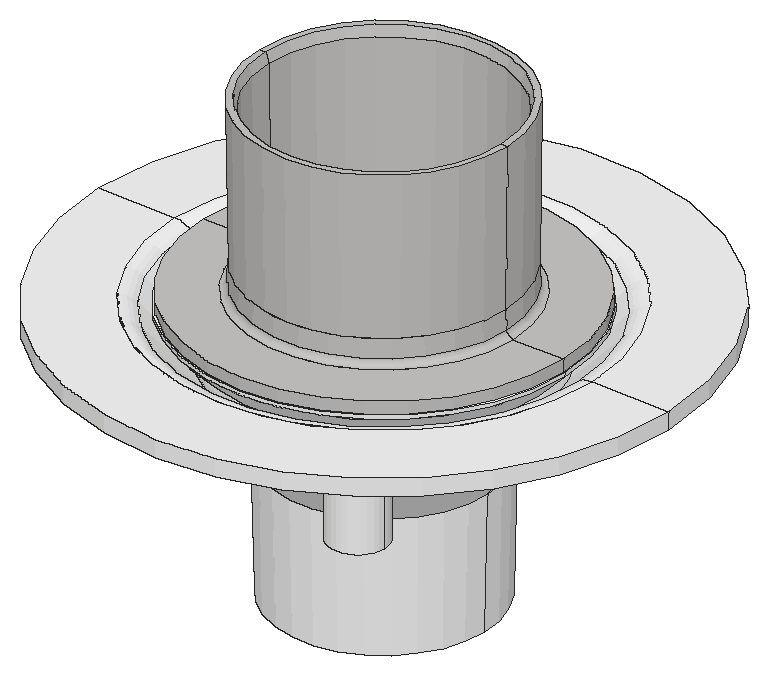
Revit family "3000.109 & 110 DPJ 65x65", category Plumbing Fixtures, Revit 2019
Family settings
  Round Connector Dimension = Use Diameter
  Part Type = Normal
  OmniClass Number = 23.45.00.00
  Work Plane-Based = No
  Always vertical = Yes
  Cut with Voids When Loaded = No
  Shared = No
  Room Calculation Point = No
Parameters (values of type "DPJ 65x65nv")
  Waste Connection = yes
  Vent Connection = no
  V = not(NV)  # no
  URL = "www.aquaknight.co.nz"
  Phone = "+6498322214"  # constant formula
  NV = yes
  Model = "3000.110"
  Manufacturer = "Aquanight Industries Ltd"  # constant formula
  Inlet = 30.5 mm
  HW Connection = no
  Email = "info@aquaknight.co.nz"  # constant formula
  Description = "DownPipe Junction 65x65 non-vented"
  Connector Diameter = 65 mm
  CW Connection = no
Types (2, lengths in mm): name | V | NV | Model | Inlet | Description
  DPJ 65x65v | yes | no | "3000.109" | 25.5 | "DownPipe Junction 65x65 vented"
  DPJ 65x65nv | no | yes | "3000.110" | 30.5 | "DownPipe Junction 65x65 non-vented"
Reference planes
  plane 1 "Center (Front/Back)": y = 0
  plane 2: z = 0
  plane 3 "Center (Left/Right)": x = 0
  plane 4: z = -61.08
  plane 5: z = 30.5
Forms (mm)
  Revolve 1, solid, material "Plastic, Glossy White"
    sketch origin (0, 0, -4) x (1, 0, 0) y (0, 0, 1)
      loop
        line (31.9, -38.121) -> (49.534, -14.536) -> (62.495, -1.576)
        arc (62.495, -1.576) -> (63.133, -1.15) -> (63.885, -1) r 1.966
        line (63.885, -1) -> (87.243, -1) -> (87.243, 4) -> (63.862, 4)
        arc (63.862, 4) -> (61.218, 3.474) -> (58.976, 1.976) r 6.91
        line (58.976, 1.976) -> (45.999, -11) -> (28.793, -34.013)
        arc (28.793, -34.013) -> (27.784, -35.917) -> (27.401, -38.038) r 7
        line (27.401, -38.038) -> (26.499, -76.121) -> (31, -76.121) -> (31.9, -38.121)
      axis (0, 4) -> (0, -76.121)
    angle from 0 to 360
  Extrusion 2, solid, material "Plastic, Glossy White", detail levels fine
    sketch origin (0, 0, -4) x (1, 0, 0) y (0, 1, 0)
      loop
        circle (-41.3, 0) r 8.2
      loop
        circle (20.65, -35.767) r 8.2
      loop
        circle (20.65, 35.767) r 8.2
    from -38.379 to -12.5
  Revolve 3, solid, visible <- "V"
    sketch origin (0, 0, 0) x (1, 0, 0) y (0, 0, 1)
      loop
        line (35.265, 47.895) -> (34.646, 0.577)
        arc (34.646, 0.577) -> (34.512, -0.061) -> (34.149, -0.601) r 1.698
        line (34.149, -0.601) -> (31.114, -3.636) -> (30.815, -7.06) -> (30.901, -8.048) -> (32.712, -8.048) -> (32.712, -9.735) -> (47.015, -9.735) -> (55.547, -1.625) -> (55.547, -0.629) -> (48.5, -0.629) -> (48.5, -4.5) -> (37.713, -4.5) -> (37.316, 5.895) -> (37.905, 50.895) -> (36.111, 50.895) -> (35.265, 47.895)
      axis (0, 50.895) -> (0, -9.735)
    angle from 0 to 360
  Revolve 4, solid, material "Stainless Steel", visible <- "NV"
    sketch origin (0, 0, 0) x (1, 0, 0) y (0, 0, 1)
      loop
        line (-37.905, 55.395) -> (-37.316, 10.395) -> (-37.541, 4.93)
        arc (-37.541, 4.93) -> (-38.15, 3.561) -> (-39.54, 3) r 2
        line (-39.54, 3) -> (-55, 3) -> (-55, -0.474) -> (-49, -0.55) -> (-55.5, -0.55) -> (-55.5, -1.663) -> (-47.451, -9.712) -> (-35.314, -9.712) -> (-35.314, -3.54) -> (-31.114, -3.54) -> (-31.114, 0.864) -> (-34.637, 4.387) -> (-35.265, 52.395) -> (-36.111, 55.395) -> (-37.905, 55.395)
      axis (0, 55.395) -> (0, -9.712)
    angle from 0 to 360
  Extrusion 5, void
    sketch origin (0, 0, 0) x (1, 0, 0) y (0, 1, 0)
      loop
        arc (16.781, 43.348) -> (-23.196, 40.281) -> (-45.923, 7.25) r 46.496
        arc (-45.923, 7.25) -> (-41.564, 8.462) -> (-37.206, 7.242) r 8.421
        arc (-37.206, 7.242) -> (-19.025, 32.784) -> (12.171, 35.898) r 37.905
        arc (12.171, 35.898) -> (13.419, 40.276) -> (16.781, 43.348) r 8.344
      loop
        arc (29.15, -36.206) -> (46.482, -0.052) -> (29.241, 36.145) r 46.496
        arc (29.241, 36.145) -> (28.11, 31.764) -> (24.875, 28.6) r 8.421
        arc (24.875, 28.6) -> (37.905, 0.084) -> (25.003, -28.489) r 37.905
        arc (25.003, -28.489) -> (28.171, -31.76) -> (29.15, -36.206) r 8.344
      loop
        arc (-45.916, -7.162) -> (-23.271, -40.249) -> (16.697, -43.416) r 46.496
        arc (16.697, -43.416) -> (13.468, -40.247) -> (12.346, -35.863) r 8.421
        arc (12.346, -35.863) -> (-18.864, -32.889) -> (-37.159, -7.429) r 37.905
        arc (-37.159, -7.429) -> (-41.575, -8.537) -> (-45.916, -7.162) r 8.344
    from -13.402 to 5.895
Cuts and joins
  Extrusion 5 cuts Revolve 3
Lines and regions (mm)
  Masking region 1
    outline origin (0, 0, 0) x (1, 0, 0) y (0, 1, 0)
      loop
        circle (0, 0) r 87.243
  symbolic lines, style "PlumbingFixtures", detail levels fine
    curve 1: circle (0, 79.784, 0) r 4.5 normal (0, 0, 1)
    curve 2: circle (69.095, -39.892, 0) r 4.5 normal (0, 0, 1)
    curve 3: circle (-69.095, -39.892, 0) r 4.5 normal (0, 0, -1)
  symbolic lines
    curve 4: circle (0, 0, 0) r 32.5 normal (0, 0, 1)
  symbolic lines, visible <- "V"
    curve 5: circle (0, 0, 0) r 36.111 normal (0, 0, 1)
    curve 6: circle (0, 0, 0) r 55.5 normal (0, 0, 1)
Dimensions and locks
  locked: level to plane 4 at 61.08
  locked: connector elem to plane 1 "Center (Front/Back)" at 0
  locked: connector elem to plane 3 "Center (Left/Right)" at 0  (x2)
  locked: Revolve 4 to level at 55.395
  locked: cut or joined group of Revolve 3, Extrusion 5 to plane 2 at 50.895
  "Inlet": plane 5 to level
  Revolve 4 to Revolve 1 = 3 mm
  locked: connector elem to plane 1 "Center (Front/Back)"
  aligned and locked: level to plane 2
  aligned and locked: Revolve 3 sketch curve to plane 3 "Center (Left/Right)"
  aligned and locked: Revolve 4 sketch curve to plane 3 "Center (Left/Right)"
Automatic sketch dimensions
  Revolve 1 sketch curve to plane 3 "Center (Left/Right)" = 0 mm
  Revolve 1 sketch curve to level = 0 mm
  plane 3 "Center (Left/Right)" to Revolve 1 sketch curve = 26.499 mm
  plane 3 "Center (Left/Right)" to Revolve 1 sketch curve = 27.401 mm
  Revolve 1 sketch curve to Revolve 1 sketch curve = 1.392 mm
  Revolve 1 sketch curve to Revolve 1 sketch curve = 4.501 mm
  Revolve 1 sketch curve to Revolve 1 sketch curve = 4.499 mm
  Revolve 1 sketch curve to Revolve 1 sketch curve = 2.499 mm
  Revolve 1 sketch curve to level = 15 mm
  Revolve 1 sketch curve to level = 18.536 mm
  Revolve 1 sketch curve to Revolve 1 sketch curve = 3.535 mm
  Revolve 1 sketch curve to level = 2.024 mm
  Revolve 1 sketch curve to level = 5.576 mm
  Revolve 1 sketch curve to Revolve 1 sketch curve = 1.367 mm
  Revolve 1 sketch curve to Revolve 1 sketch curve = 0.023 mm
  Revolve 1 sketch curve to Revolve 1 sketch curve = 23.357 mm
  Revolve 1 sketch curve to Revolve 1 sketch curve = 19.477 mm
  Revolve 1 sketch curve to Revolve 1 sketch curve = 0.083 mm
  Revolve 1 sketch curve to Revolve 1 sketch curve = 17.205 mm
  Revolve 1 sketch curve to Revolve 1 sketch curve = 12.978 mm
  level to Revolve 1 sketch curve = 2441.244 mm
  Revolve 1 sketch curve to plane 4 = 361.931 mm
  plane 1 "Center (Front/Back)" to Extrusion 2 sketch curve = 0 mm
  plane 3 "Center (Left/Right)" to Extrusion 2 sketch curve = 20.65 mm  (x2)
  plane 1 "Center (Front/Back)" to Extrusion 2 sketch curve = 35.767 mm
  Extrusion 2 sketch curve to plane 1 "Center (Front/Back)" = 35.767 mm
  Revolve 3 sketch curve to level = 7.06 mm
  plane 3 "Center (Left/Right)" to Revolve 3 sketch curve = 30.815 mm
  Revolve 3 sketch curve to level = 8.048 mm
  Revolve 3 sketch curve to Revolve 3 sketch curve = 0.086 mm
  Revolve 3 sketch curve to level = 3.636 mm
  Revolve 3 sketch curve to Revolve 3 sketch curve = 0.3 mm
  Revolve 3 sketch curve to Revolve 3 sketch curve = 1.811 mm
  level to Revolve 3 sketch curve = 0.599 mm
  Revolve 3 sketch curve to Revolve 3 sketch curve = 1.834 mm
  Revolve 3 sketch curve to level = 0.601 mm
  Revolve 3 sketch curve to Revolve 3 sketch curve = 1.2 mm
  level to Revolve 3 sketch curve = 0.577 mm
  plane 3 "Center (Left/Right)" to Revolve 3 sketch curve = 35.265 mm
  Revolve 3 sketch curve to Revolve 3 sketch curve = 0.846 mm
  Revolve 3 sketch curve to level = 4.5 mm
  Revolve 3 sketch curve to Revolve 3 sketch curve = 3.067 mm
  Revolve 3 sketch curve to Revolve 3 sketch curve = 1.793 mm
  Revolve 3 sketch curve to level = 0.629 mm
  Revolve 3 sketch curve to Revolve 3 sketch curve = 10.787 mm
  Revolve 3 sketch curve to level = 1.625 mm
  Revolve 3 sketch curve to Revolve 3 sketch curve = 8.532 mm
  Revolve 3 sketch curve to Revolve 3 sketch curve = 1.687 mm
  Revolve 3 sketch curve to Revolve 3 sketch curve = 3 mm
  level to Revolve 3 sketch curve = 5.895 mm
  level to Revolve 3 sketch curve = 5.9 mm
  Revolve 3 sketch curve to Revolve 3 sketch curve = 1.485 mm
  Revolve 3 sketch curve to plane 4 = 357.931 mm
  Revolve 3 sketch curve to Revolve 3 sketch curve = 2394.348 mm
  Revolve 3 sketch curve to Revolve 3 sketch curve = 41.995 mm
  Revolve 3 sketch curve to Revolve 3 sketch curve = 0.034 mm
  Revolve 3 sketch curve to Revolve 3 sketch curve = 2.67 mm
  Extrusion 5 sketch curve to Extrusion 5 sketch curve = 0 mm  (x2)
  plane 1 "Center (Front/Back)" to Extrusion 5 sketch curve = 0 mm
  Extrusion 5 sketch curve to plane 3 "Center (Left/Right)" = 0 mm
  Extrusion 5 sketch curve to plane 3 "Center (Left/Right)" = 0.013 mm
  plane 1 "Center (Front/Back)" to Extrusion 5 sketch curve = 0.197 mm
  Extrusion 5 sketch curve to plane 1 "Center (Front/Back)" = 0.041 mm
  Extrusion 5 sketch curve to Extrusion 5 sketch curve = 0.25 mm
  plane 3 "Center (Left/Right)" to Extrusion 5 sketch curve = 0.001 mm
  Extrusion 5 sketch curve to Extrusion 5 sketch curve = 0.013 mm
  Extrusion 5 sketch curve to Extrusion 5 sketch curve = 0.012 mm
  plane 3 "Center (Left/Right)" to Extrusion 5 sketch curve = 20.515 mm
  plane 3 "Center (Left/Right)" to Extrusion 5 sketch curve = 20.765 mm
  Extrusion 5 sketch curve to Extrusion 5 sketch curve = 0.056 mm
  Extrusion 5 sketch curve to Extrusion 5 sketch curve = 0.306 mm
  plane 1 "Center (Front/Back)" to Extrusion 5 sketch curve = 35.71 mm
  Extrusion 5 sketch curve to Extrusion 5 sketch curve = 0.333 mm
  plane 1 "Center (Front/Back)" to Extrusion 5 sketch curve = 0.021 mm
  plane 1 "Center (Front/Back)" to Extrusion 5 sketch curve = 0.015 mm
  plane 1 "Center (Front/Back)" to Extrusion 5 sketch curve = 0.012 mm
  Extrusion 5 sketch curve to plane 1 "Center (Front/Back)" = 0.006 mm
  Extrusion 5 sketch curve to plane 1 "Center (Front/Back)" = 35.886 mm
  Extrusion 5 sketch curve to Extrusion 5 sketch curve = 0.095 mm
  Extrusion 5 sketch curve to Extrusion 5 sketch curve = 4.162 mm
  Extrusion 5 sketch curve to Extrusion 5 sketch curve = 4.365 mm
  Extrusion 5 sketch curve to Extrusion 5 sketch curve = 8.344 mm
  Extrusion 5 sketch curve to Extrusion 5 sketch curve = 8.419 mm  (x2)
  Extrusion 5 sketch curve to Extrusion 5 sketch curve = 4.067 mm
  Extrusion 5 sketch curve to Extrusion 5 sketch curve = 3.735 mm
  Extrusion 5 sketch curve to Extrusion 5 sketch curve = 4.054 mm
  Extrusion 5 sketch curve to Extrusion 5 sketch curve = 4.182 mm
  Extrusion 5 sketch curve to Extrusion 5 sketch curve = 8.329 mm
  Revolve 4 sketch curve to level = 3.54 mm
  level to Revolve 4 sketch curve = 4.387 mm
  Revolve 4 sketch curve to Revolve 4 sketch curve = 3.522 mm
  Revolve 4 sketch curve to Revolve 4 sketch curve = 4.2 mm
  Revolve 4 sketch curve to Revolve 4 sketch curve = 0.846 mm
  level to Revolve 4 sketch curve = 4.93 mm
  Revolve 4 sketch curve to Revolve 4 sketch curve = 2.904 mm
  Revolve 4 sketch curve to Revolve 4 sketch curve = 1.793 mm
  Revolve 4 sketch curve to Revolve 4 sketch curve = 1.999 mm
  Revolve 4 sketch curve to level = 1.663 mm
  Revolve 4 sketch curve to Revolve 4 sketch curve = 0.5 mm
  Revolve 4 sketch curve to Revolve 4 sketch curve = 6.172 mm
  Revolve 4 sketch curve to level = 0.55 mm
  level to Revolve 4 sketch curve = 0.864 mm
  level to Revolve 4 sketch curve = 3 mm
  Revolve 4 sketch curve to Revolve 4 sketch curve = 47.465 mm
  Revolve 4 sketch curve to Revolve 4 sketch curve = 3 mm
  Revolve 4 sketch curve to Revolve 4 sketch curve = 0.225 mm
  Revolve 4 sketch curve to Revolve 4 sketch curve = 0.034 mm
  Revolve 4 sketch curve to level = 0.474 mm
  Revolve 4 sketch curve to plane 4 = 357.931 mm
  Revolve 4 sketch curve to Revolve 4 sketch curve = 5.465 mm
  Revolve 4 sketch curve to Revolve 4 sketch curve = 0.005 mm
  Revolve 4 sketch curve to Revolve 4 sketch curve = 2389.848 mm
  Extrusion 2 sketch curve to plane 3 "Center (Left/Right)" = 41.3 mm
  Revolve 4 sketch curve to plane 3 "Center (Left/Right)" = 31.114 mm
  Revolve 4 sketch curve to plane 3 "Center (Left/Right)" = 35.265 mm
  Revolve 4 sketch curve to Revolve 4 sketch curve = 12.137 mm
  Revolve 4 sketch curve to Revolve 4 sketch curve = 1.549 mm
  Revolve 4 sketch curve to Revolve 4 sketch curve = 6 mm
  Extrusion 5 sketch curve to Extrusion 5 sketch curve = 41.308 mm
  plane 1 "Center (Front/Back)" to Extrusion 5 sketch curve = 7.162 mm
  Extrusion 5 sketch curve to plane 1 "Center (Front/Back)" = 7.25 mm
  curve 4 to curve 5 = 0 mm  (x2)
  curve 4 to curve 6 = 0 mm  (x2)
  curve 5 to curve 6 = 0 mm  (x2)
  plane 1 "Center (Front/Back)" to curve 4 = 0 mm
  curve 1 to plane 3 "Center (Left/Right)" = 0 mm
  curve 6 to plane 3 "Center (Left/Right)" = 0 mm
  plane 1 "Center (Front/Back)" to curve 3 = 39.892 mm
  plane 1 "Center (Front/Back)" to curve 2 = 39.892 mm
  curve 1 to plane 1 "Center (Front/Back)" = 79.784 mm
  plane 3 "Center (Left/Right)" to curve 2 = 69.095 mm
  curve 3 to plane 3 "Center (Left/Right)" = 69.095 mm
  plane 1 "Center (Front/Back)" to Masking region 1 sketch curve = 0 mm
  Masking region 1 sketch curve to plane 3 "Center (Left/Right)" = 0 mm
  radius of Extrusion 2 sketch curve = 8.2 mm  (x3)
  radius of curve 1 = 4.5 mm
  radius of curve 2 = 4.5 mm
  radius of curve 3 = 4.5 mm
  radius of curve 4 = 32.5 mm
  radius of curve 5 = 36.111 mm
  radius of curve 6 = 55.5 mm
  radius of Masking region 1 sketch curve = 87.243 mm
Connectors
  piping at (0, 0, -61.08), diameter 65, driven by "Connector Diameter"
    settings: on plane 4, index 1, connector inside diameter 609.6 mm, connector length 0 mm, flow factor 0, pipe flow 0.0 L/s, pressure drop 0.0 Pa, fitting loss kfactor 0, connector angle 0.00°, fixture units 0, engagement length 0 mm, angle of deflection 0.00°, flow configuration 0, flow direction 0, fitting loss method 0, system type 28, joint type 0, gender type 0, connector reference index -1, connector utility 0, adjustable connector no, is connector primary yes, connector description ""
  piping at (0, 0, 30.5), diameter 65
    settings: on plane 5, index 2, connector inside diameter 609.6 mm, connector length 0 mm, flow factor 0, pipe flow 0.0 L/s, pressure drop 0.0 Pa, fitting loss kfactor 0, connector angle 0.00°, fixture units 0, engagement length 0 mm, angle of deflection 0.00°, flow configuration 0, flow direction 0, fitting loss method 0, system type 7, joint type 0, gender type 0, connector reference index -1, connector utility 0, adjustable connector no, is connector primary no, connector description ""
